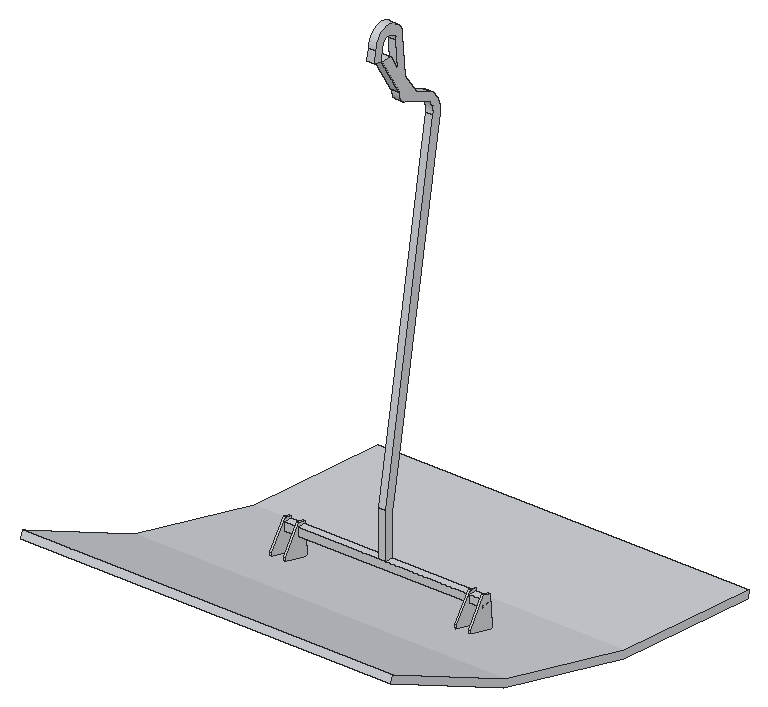
Revit family "5ft Forte Ceiling Panel", category Furniture, Revit 2011
Parameters (values of type "Forte 4' Ceiling")
  URL = "http://www.wengercorp.com/Home/Contact.html"
  Toekick Material [instance] = none
  RH End Panel [instance] = no
  Model = "60"
  Manufacturer = "Wenger Corporation"
  LH End Panel [instance] = no
  End Panel Material [instance] = none
  Edge Banding Material [instance] = none
  Door Material [instance] = none
  Description = "Standard 16' Forte Tower"
  Assembly Code = ""
  Angle = 16.6923°
Reference planes (in)
  plane 1 "Top View 2D location": z = 270
  plane 2: x = 22.64221
  plane 3: x = 46.64221
  plane 4: x = 34.64221
  plane 5: y = 855.02239
  plane 6: z = 199.94228
Forms (in)
  Extrusion 1, solid
    sketch origin (58.64221, 173.66616, 76.65736) x (0, -0.999998, -0.001745) y (0, -0.001745, 0.999998)
      loop
        arc (-652.33674, 130.65489) -> (-680.12636, 119.17195) -> (-709.91861, 115.10479) r 117.70209
        line (-709.91861, 115.10479) -> (-709.87984, 114.10495)
        arc (-709.87984, 114.10495) -> (-679.89394, 118.19839) -> (-651.91784, 129.74174) r 118.69908
        line (-651.91784, 129.74174) -> (-652.33674, 130.65489)
    from 0 to 48
  Extrusion 2, solid
    sketch origin (47.39227, 177.94081, 64.71877) x (0, 1, 0) y (0, 0, 1)
      loop
        line (674.00797, 132.83014) -> (677.38539, 131.92516) -> (677.56163, 132.58292) -> (677.27009, 136.39071) -> (676.32685, 136.64345) -> (674.17486, 133.45299) -> (674.00797, 132.83014)
    from 0 to 0.25
  Extrusion 3, solid
    sketch origin (45.64221, 177.94081, 64.71877) x (0, 1, 0) y (0, 0, 1)
      loop
        line (674.00797, 132.83014) -> (677.38539, 131.92516) -> (677.56163, 132.58292) -> (677.27009, 136.39071) -> (676.32685, 136.64345) -> (674.17486, 133.45299) -> (674.00797, 132.83014)
    from 0 to 0.25
  Extrusion 4, solid
    sketch origin (23.39227, 177.94081, 64.71877) x (0, 1, 0) y (0, 0, 1)
      loop
        line (674.00797, 132.83014) -> (677.38539, 131.92516) -> (677.56163, 132.58292) -> (677.27009, 136.39071) -> (676.32685, 136.64345) -> (674.17486, 133.45299) -> (674.00797, 132.83014)
    from 0 to 0.25
  Extrusion 5, solid
    sketch origin (21.64221, 177.94081, 64.71877) x (0, 1, 0) y (0, 0, 1)
      loop
        line (674.00797, 132.83014) -> (677.38539, 131.92516) -> (677.56163, 132.58292) -> (677.27009, 136.39071) -> (676.32685, 136.64345) -> (674.17486, 133.45299) -> (674.00797, 132.83014)
    from 0 to 0.25
  Extrusion 6, solid
    sketch origin (47.64221, 177.94081, 64.71877) x (0, -1, 0) y (0, 0, 1)
      loop
        line (-676.08984, 136.22351) -> (-677.08984, 136.22351) -> (-677.08984, 135.22351) -> (-676.08984, 135.22351) -> (-676.08984, 136.22351)
    from -0.00006 to 26
  Extrusion 7, solid
    sketch origin (35.14221, 177.94081, 64.71877) x (0, -1, 0) y (0, 0, 1)
      loop
        line (-676.08984, 136.22351) -> (-676.08984, 142.15091) -> (-683.74531, 184.74649)
        arc (-683.74531, 184.74649) -> (-683.52247, 186.04739) -> (-682.53733, 186.92575) r 1.99868
        line (-682.53733, 186.92575) -> (-679.18968, 188.30833)
        arc (-679.18968, 188.30833) -> (-678.51213, 188.86132) -> (-678.25322, 189.69669) r 1.51471
        line (-678.25322, 189.69669) -> (-678.22809, 189.98616) -> (-678.11876, 189.92046) -> (-675.41481, 194.42059) -> (-675.61622, 194.54161) -> (-676.79761, 194.54161) -> (-678.02626, 192.52702) -> (-677.71045, 196.13677)
        arc (-677.71045, 196.13677) -> (-676.60544, 197.16721) -> (-675.46514, 196.17596) r 1.12901
        line (-675.46514, 196.17596) -> (-675.28077, 194.67438) -> (-674.29725, 194.79514) -> (-674.47868, 196.27279)
        arc (-674.47868, 196.27279) -> (-676.48611, 198.40857) -> (-678.68271, 196.46788) r 2.10527
        line (-678.68271, 196.46788) -> (-679.13378, 191.31212) -> (-681.0882, 188.62209) -> (-683.26307, 187.69892) -> (-683.58867, 187.4793) -> (-683.92627, 187.17532) -> (-684.22577, 186.8184) -> (-684.46298, 186.45311) -> (-684.66827, 185.88909) -> (-684.74174, 185.54344) -> (-684.77793, 185.12974) -> (-684.72834, 184.56291) -> (-677.11492, 142.20128) -> (-677.10486, 142.08627) -> (-677.08984, 141.91467) -> (-677.08984, 136.22351) -> (-676.08984, 136.22351)
    from 0 to 1
Dimensions and locks (in)
  equal spacing: plane 2, plane 4, plane 3, locked at 12 each
  Extrusion 1 sketch curve to Extrusion 1 sketch curve = 0' - 1.00465"
  locked: Extrusion 1 sketch curve to Extrusion 1 sketch curve at 1.00059
  Extrusion 1 to Extrusion 5 to Extrusion 4 to Extrusion 7 to Extrusion 7 to Extrusion 3 to Extrusion 2 to Extrusion 1 = 0' - 11 1/4", 0' - 1.75006" locked, 0' - 10.49994" locked, 0' - 1" locked, 0' - 10 1/2" locked, 0' - 1.75006" locked, 0' - 11.24994"
  locked: Extrusion 2 to Extrusion 2 at 0.25
  locked: Extrusion 3 to Extrusion 3 at 0.25
  Extrusion 7 to Extrusion 7 = 0' - 1"
  locked: Extrusion 4 to Extrusion 4 at 0.25
  locked: Extrusion 5 to Extrusion 5 at 0.25
  plane 5 to Extrusion 7 = 0' - 7.69636"
  Extrusion 2 to plane 6 = 0' - 1.41994"
  locked: Extrusion 7 to plane 5 at 0.99174
  locked: Extrusion 6 to plane 6 at 1
  Extrusion 7 to plane 6 = 5' - 3.18732"
  radius of Extrusion 1 sketch curve = 9' - 9.70209"
Automatic sketch dimensions
  Extrusion 2 sketch curve to Extrusion 2 sketch curve = 0' - 0.16689"
  Extrusion 2 sketch curve to plane 1 "Top View 2D location" = 6' - 1.35607"
  Extrusion 2 sketch curve to Extrusion 2 sketch curve = 0' - 0.65775"
  Extrusion 2 sketch curve to Extrusion 2 sketch curve = 0' - 3.80779"
  Extrusion 2 sketch curve to Extrusion 2 sketch curve = 0' - 0.25274"
  Extrusion 3 sketch curve to Extrusion 3 sketch curve = 0' - 0.16689"
  Extrusion 3 sketch curve to plane 1 "Top View 2D location" = 6' - 1.35607"
  Extrusion 3 sketch curve to Extrusion 3 sketch curve = 0' - 0.65775"
  Extrusion 3 sketch curve to Extrusion 3 sketch curve = 0' - 3.80779"
  Extrusion 3 sketch curve to Extrusion 3 sketch curve = 0' - 0.25274"
  Extrusion 4 sketch curve to Extrusion 4 sketch curve = 0' - 0.16689"
  Extrusion 4 sketch curve to plane 1 "Top View 2D location" = 6' - 1.35607"
  Extrusion 4 sketch curve to Extrusion 4 sketch curve = 0' - 0.65775"
  Extrusion 4 sketch curve to Extrusion 4 sketch curve = 0' - 3.80779"
  Extrusion 4 sketch curve to Extrusion 4 sketch curve = 0' - 0.25274"
  Extrusion 5 sketch curve to Extrusion 5 sketch curve = 0' - 0.16689"
  Extrusion 5 sketch curve to plane 1 "Top View 2D location" = 6' - 1.35607"
  Extrusion 5 sketch curve to Extrusion 5 sketch curve = 0' - 0.65775"
  Extrusion 5 sketch curve to Extrusion 5 sketch curve = 0' - 3.80779"
  Extrusion 5 sketch curve to Extrusion 5 sketch curve = 0' - 0.25274"
  Extrusion 6 sketch curve to plane 1 "Top View 2D location" = 5' - 10.05772"
  Extrusion 6 sketch curve to Extrusion 6 sketch curve = 0' - 1"  (x2)
  Extrusion 7 sketch curve to Extrusion 7 sketch curve = 0' - 0.10934"
  Extrusion 7 sketch curve to Extrusion 7 sketch curve = 0' - 0.13446"
  Extrusion 7 sketch curve to Extrusion 7 sketch curve = 0' - 0.97226"
  Extrusion 7 sketch curve to Extrusion 7 sketch curve = 0' - 0.90568"
  Extrusion 7 sketch curve to Extrusion 7 sketch curve = 0' - 0.93646"
  Extrusion 7 sketch curve to Extrusion 7 sketch curve = 0' - 0.5782"
  Extrusion 7 sketch curve to Extrusion 7 sketch curve = 0' - 1 41/128"
  Extrusion 7 sketch curve to Extrusion 7 sketch curve = 0' - 0.68619"
  Extrusion 7 sketch curve to Extrusion 7 sketch curve = 0' - 0.76295"
  Extrusion 7 sketch curve to Extrusion 7 sketch curve = 0' - 0.72574"
  Extrusion 7 sketch curve to Extrusion 7 sketch curve = 0' - 0.3256"
  Extrusion 7 sketch curve to Extrusion 7 sketch curve = 0' - 1.97093"
  Extrusion 7 sketch curve to Extrusion 7 sketch curve = 0' - 0.3376"
  Extrusion 7 sketch curve to Extrusion 7 sketch curve = 0' - 0.29949"
  Extrusion 7 sketch curve to Extrusion 7 sketch curve = 0' - 0.23722"
  Extrusion 7 sketch curve to Extrusion 7 sketch curve = 0' - 0.20529"
  Extrusion 7 sketch curve to Extrusion 7 sketch curve = 0' - 0.98303"
  Extrusion 7 sketch curve to Extrusion 7 sketch curve = 0' - 0.07347"
  Extrusion 7 sketch curve to Extrusion 7 sketch curve = 0' - 0.03619"
  Extrusion 7 sketch curve to Extrusion 7 sketch curve = 0' - 0.00203"
  Extrusion 7 sketch curve to Extrusion 7 sketch curve = 0' - 1.18139"
  Extrusion 7 sketch curve to Extrusion 7 sketch curve = 0' - 1.11856"
  Extrusion 7 sketch curve to Extrusion 7 sketch curve = 0' - 0.20141"
  Extrusion 7 sketch curve to Extrusion 7 sketch curve = 0' - 0.13404"
  Extrusion 7 sketch curve to Extrusion 7 sketch curve = 0' - 0.98645"
  Extrusion 7 sketch curve to Extrusion 7 sketch curve = 0' - 0.98352"
  Extrusion 7 sketch curve to plane 1 "Top View 2D location" = 5' - 9.05772"
  Extrusion 7 sketch curve to Extrusion 7 sketch curve = 0' - 5.69116"
  Extrusion 7 sketch curve to Extrusion 7 sketch curve = 0' - 0.1716"
  Extrusion 7 sketch curve to Extrusion 7 sketch curve = 0' - 0.06464"
  Extrusion 7 sketch curve to Extrusion 7 sketch curve = 0' - 0.11501"
  Extrusion 7 sketch curve to plane 1 "Top View 2D location" = 1' - 8.71832"
  Extrusion 7 sketch curve to Extrusion 7 sketch curve = 0' - 0 47/256"
  Extrusion 7 sketch curve to Extrusion 7 sketch curve = 0' - 0.33192"
  Extrusion 7 sketch curve to Extrusion 7 sketch curve = 0' - 0.56683"
  Extrusion 7 sketch curve to Extrusion 7 sketch curve = 0' - 0.4137"
  Extrusion 7 sketch curve to Extrusion 7 sketch curve = 0' - 0.34565"
  Extrusion 7 sketch curve to Extrusion 7 sketch curve = 0' - 0.56402"
  Extrusion 7 sketch curve to Extrusion 7 sketch curve = 0' - 0.36529"
  Extrusion 7 sketch curve to Extrusion 7 sketch curve = 0' - 0.35692"
  Extrusion 7 sketch curve to Extrusion 7 sketch curve = 0' - 0.30398"
  Extrusion 7 sketch curve to Extrusion 7 sketch curve = 0' - 0.21962"
  Extrusion 7 sketch curve to Extrusion 7 sketch curve = 0' - 1.38258"
  Extrusion 7 sketch curve to Extrusion 7 sketch curve = 0' - 0.31376"
  Extrusion 7 sketch curve to Extrusion 7 sketch curve = 0' - 1.38836"
  Extrusion 7 sketch curve to Extrusion 7 sketch curve = 0' - 0.22378"
  Extrusion 7 sketch curve to Extrusion 7 sketch curve = 0' - 0.0657"
  Extrusion 7 sketch curve to Extrusion 7 sketch curve = 0' - 1.32597"
  Extrusion 7 sketch curve to Extrusion 7 sketch curve = 0' - 1.2149"
  Extrusion 7 sketch curve to Extrusion 7 sketch curve = 0' - 0.25378"
  Extrusion 7 sketch curve to Extrusion 7 sketch curve = 0' - 0.12076"
  Extrusion 7 sketch curve to Extrusion 7 sketch curve = 0' - 0.13759"
  Extrusion 7 sketch curve to Extrusion 7 sketch curve = 0' - 0.26719"
  Extrusion 2 sketch curve to Extrusion 2 sketch curve = 0' - 2.15199"
  Extrusion 2 sketch curve to Extrusion 2 sketch curve = 0' - 0.94324"
  Extrusion 2 sketch curve to Extrusion 2 sketch curve = 0' - 3.37742"
  Extrusion 2 sketch curve to Extrusion 2 sketch curve = 0' - 0.17624"
  Extrusion 3 sketch curve to Extrusion 3 sketch curve = 0' - 2.15199"
  Extrusion 3 sketch curve to Extrusion 3 sketch curve = 0' - 0.94324"
  Extrusion 3 sketch curve to Extrusion 3 sketch curve = 0' - 3.37742"
  Extrusion 3 sketch curve to Extrusion 3 sketch curve = 0' - 0.17624"
  Extrusion 4 sketch curve to Extrusion 4 sketch curve = 0' - 2.15199"
  Extrusion 4 sketch curve to Extrusion 4 sketch curve = 0' - 0.94324"
  Extrusion 4 sketch curve to Extrusion 4 sketch curve = 0' - 3.37742"
  Extrusion 4 sketch curve to Extrusion 4 sketch curve = 0' - 0.17624"
  Extrusion 5 sketch curve to Extrusion 5 sketch curve = 0' - 2.15199"
  Extrusion 5 sketch curve to Extrusion 5 sketch curve = 0' - 0.94324"
  Extrusion 5 sketch curve to Extrusion 5 sketch curve = 0' - 3.37742"
  Extrusion 5 sketch curve to Extrusion 5 sketch curve = 0' - 0.17624"
  Extrusion 7 sketch curve to plane 1 "Top View 2D location" = 0' - 8.81335"
  Extrusion 7 sketch curve to Extrusion 7 sketch curve = 0' - 0.45107"
  Extrusion 7 sketch curve to Extrusion 7 sketch curve = 0' - 1.10752"
  Extrusion 7 sketch curve to Extrusion 7 sketch curve = 0' - 0.01006"
  Extrusion 7 sketch curve to Extrusion 7 sketch curve = 0' - 0.01501"
  Extrusion 7 sketch curve to Extrusion 7 sketch curve = 0' - 0.91284"
  Extrusion 7 sketch curve to Extrusion 7 sketch curve = 0' - 1"
  Extrusion 2 sketch curve to plane 5 = 0' - 3.07361"
  Extrusion 3 sketch curve to plane 5 = 0' - 3.07361"
  Extrusion 4 sketch curve to plane 5 = 0' - 3.07361"
  Extrusion 5 sketch curve to plane 5 = 0' - 3.07361"
  plane 5 to Extrusion 6 sketch curve = 0' - 0.00826"
  plane 5 to Extrusion 7 sketch curve = 0' - 7.69636"
  plane 5 to Extrusion 7 sketch curve = 0' - 0.03334"
  plane 5 to Extrusion 1 sketch curve = 2' - 5.04914"
  plane 1 "Top View 2D location" to Extrusion 1 sketch curve = 3' - 4.7011"
  Extrusion 1 sketch curve to Extrusion 1 sketch curve = 0' - 0.00192"
  Extrusion 1 sketch curve to Extrusion 1 sketch curve = 0' - 0.89224"
  Extrusion 1 sketch curve to Extrusion 1 sketch curve = 0' - 0.03877"
  Extrusion 1 sketch curve to Extrusion 1 sketch curve = 4' - 9.58187"
  Extrusion 1 sketch curve to Extrusion 1 sketch curve = 0' - 0.4189"
Nested families (in)
  nested 1: "Labels" at (34.55954, 818.4148, 0), type "5'"
Definition of nested family "Labels"
  Parameters (values of type "Standard")
    Cabinet Label = "01"
  Types (4): name | Cabinet Label
    Standard | "01"
    Narrow | "01N"
    Narrow Acoustic | "01NA"
    Acoustic | "01A"
  Reference planes (in)
    plane 1: y = 0
    plane 2: x = 0
  Text (in)
    label "xxxx" at (-0.00018, 0.00754, 0), shows "Cabinet Label"
